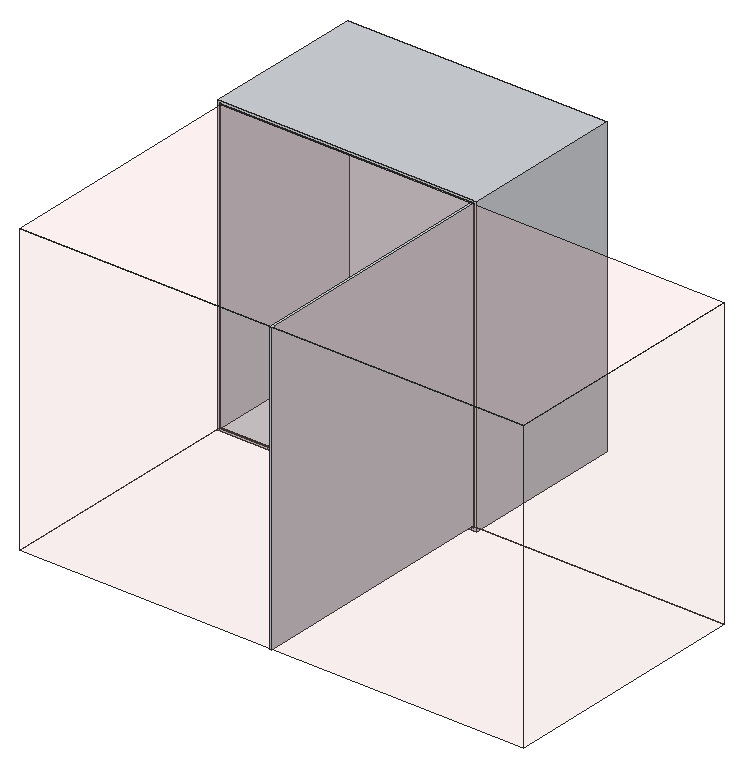
Revit family "Hager-PEDRO-Surface_mounted-IP66-With_Cover-With_DIN-NoHosted-IT-it", category Electrical Equipment, Revit 2023
Family settings
  Panel Configuration = Two Columns, Circuits Across
  Round Connector Dimension = Use Diameter
  Part Type = Panelboard
  Work Plane-Based = Yes
  Always vertical = Yes
  Cut with Voids When Loaded = No
  Maintain Annotation Orientation = No
  Shared = No
  Room Calculation Point = No
Parameters (values of type "PEDRO-Surface_mounted_W265_H303_D167_0_Modular_Spacing-B04601")
  Width Control [instance] = if([HG000006-Flush mounted-it], if([EF000846 - Larghezza di montaggio] > min_whd, [EF000846 - Larghezza di montaggio], min_whd), if([EF000008 - Larghezza] > min_whd, ([EF000008 - Larghezza]), min_whd))  # 265 mm
  Void Depth [instance] = if([EF000218 - Profondità di incasso] > 1 mm, [EF000218 - Profondità di incasso], 1 mm)  # 1 mm
  Uniformat code = "D501001"
  Uniformat = "Low Tension Service & Dist."
  Référence = ""
  HGEF0002950-Numero moduli DIN = 0
  HGEF000266-Numero di file = 0
  HG000131 - Functional label [instance] = ""
  HG000130 - Functional name [instance] = ""
  HG000099-Onfly Template ID-it-IT = "507532"
  HG000059-Operating voltage-it-IT [instance] = 230 V
  HG000017-Distance between poles-it = 18 mm
  HG000016-Door 3D visibility-it = yes
  HG000015-Clearance visibility-it = yes
  HG000014-Door on the right-it = yes
  HG000013-Door on the left-it = not([HG000014-Door on the right-it])  # no
  HG000012-Door swing angle-it = 90.00°
  HG000011-Empty rows from bottom-it = no
  HG000010-Asymmetric doors-it = no
  HG000009-Double swing door-it = no
  HG000008-Number of empty rows-it = 0
  HG000007-Number of empty columns-it = 0
  HG000006-Flush mounted-it = no
  HG000005-Thickness-it = 2 mm
  HG000004-Manufacturer reference-it = "B04601"
  HG000003-Range-it = "PEDRO"
  HG000002-with door or cover-it = yes
  HG000001 - Numero di colonne = 0
  ETIM class name = "Small distribution board"
  ETIM class code = "EC000214"
  EF015941 - Segnale di passaggio porta = no
  EF015777 - Morsettiera neutra = no
  EF015776 - Morsettiera di terra = no
  EF009212 - Esecuzione coperchio = "Chiuso"
  EF006306 - Con serratura = yes
  EF006244 - Coperchio/porta trasparente = no
  EF005474 - Grado di protezione (IP) = "IP66"
  EF004464 - Tipo di porta = ""
  EF004462 - Tipo di chiusura = "Altro"
  EF002950 - Numero moduli DIN = 0
  EF001596 - Materiale del corpo = ""
  EF001134 - Barra DIN = yes
  EF001131 - Profondità interna = 0 mm
  EF001088 - Possibilità di applicazione = yes
  EF001062 - Esecuzione EMC = yes
  EF000846 - Larghezza di montaggio = 0 mm
  EF000339 - Tipo di copertura = ""
  EF000332 - Altezza della parte incassata = 0 mm
  EF000266 - Numero di file = 0
  EF000218 - Profondità di incasso = 0 mm
  EF000118 - Con piastra di montaggio = no
  EF000116 - Numero RAL = 7035
  EF000049 - Profondità = 167 mm
  EF000040 - Altezza = 303 mm
  EF000024 - Resistente ai raggi UV = no
  EF000008 - Larghezza = 265 mm
  Type Comments = ""
  System Height [instance] = Height Control - 2 * [HG000005-Thickness-it]  # 299 mm
  Reference description = ""
  Reference = "Template-Enclosure_EU-EC000214"
  Panel Name [instance] = ""  # (empty or 0)
  Offset [instance] = 0 mm
  Object type = ""
  Name hager = "ADD_Enclosures_EC000214"
  Name BIM&CO = "Electricity"
  Name = ""
  Model = ""
  Level Offset [instance] = [Flush Mounted - Door Frame Width] + Offset  # 0 mm
  HG000060-RAL-number = "7035"
  GTIN (Global Trade Item Number) = ""
  EF000007 - Colore = "Grigio"
  EF000003 - Tipo di montaggio = "A parete"
  Description = ""
  Default Elevation = 1200 mm
  Creation Date = ""
  Code hager = "ADD-EC000214_EU"
  Code Uniformat = ""
  BIM&CO code = ""
  BC_METADATA = "{\"ObjectGuid\":\"712c051a-f6a5-42ba-8971-c6f35d6c2ee9\",\"ModelGuid\":\"f9864149-d723-4e03-9b42-689d61447cad\",\"VariantGuid\":\"83e1c283-c7cc-4c8f-adfe-bcd37362c99a\",\"Revision\":\"#6\",\"VariantName\":\"PEDRO-Surface_mounted_W265_H303_D167_0_Modular_Spacing-B04601\"}"
  Arrow Offset [instance] = Depth Control / 8  # 20.875 mm
  Arrow Height [instance] = Depth Control - Arrow Offset  # 146.125 mm
  Host Offset [instance] = if([HG000006-Flush mounted-it], 0 mm, [EF000049 - Profondità])  # 167 mm
  min_whd [instance] = (2 * [HG000005-Thickness-it]) + 1 mm  # 5 mm
  Manufacturer = "Hager"  # constant formula
  Height Control [instance] = if([HG000006-Flush mounted-it], if([EF000332 - Altezza della parte incassata] > min_whd, [EF000332 - Altezza della parte incassata], min_whd), if([EF000040 - Altezza] > min_whd, ([EF000040 - Altezza]), min_whd))  # 303 mm
  Flush Mounted - Door Frame Width [instance] = if(([EF000040 - Altezza] - [EF000332 - Altezza della parte incassata]) > 0 mm, if([HG000006-Flush mounted-it], [EF000040 - Altezza] - [EF000332 - Altezza della parte incassata], 0 mm), 0 mm)  # 0 mm
  Depth Control [instance] = if([HG000006-Flush mounted-it], if([EF000218 - Profondità di incasso] > 0 mm, [EF000218 - Profondità di incasso], 1 mm), if([EF000049 - Profondità] > 0 mm, ([EF000049 - Profondità]), 1 mm))  # 167 mm
Types (26, lengths in mm): name | Width Control | HGEF0002950-Numero moduli DIN | HGEF000266-Numero di file | HG000004-Manufacturer reference-it | HG000001 - Numero di colonne | EF006244 - Coperchio/porta trasparente | EF002950 - Numero moduli DIN | EF000266 - Numero di file | EF000049 - Profondità | EF000040 - Altezza | EF000008 - Larghezza | System Height | BC_METADATA | Arrow Offset | Arrow Height | Host Offset | Height Control | Depth Control
  PEDRO-Surface_mounted_W265_H303_D167_0_Modular_Spacing-B04601 | 265 | 0 | 0 | "B04601" | 0 | no | 0 | 0 | 167 | 303 | 265 | 299 | "{\"ObjectGuid\":\"712c051a-f6a5-42ba-8971-c6f35d6c2ee9\",\"ModelGuid\":\"f9864149-d723-4e03-9b42-689d61447cad\",\"VariantGuid\":\"83e1c283-c7cc-4c8f-adfe-bcd37362c99a\",\"Revision\":\"#6\",\"VariantName\":\"PEDRO-Surface_mounted_W265_H303_D167_0_Modular_Spacing-B04601\"}" | 20.875 | 146.125 | 167 | 303 | 167
  PEDRO-Surface_mounted_W325_H428_D178_12_Modular_Spacing-B04602 | 325 | 12 | 3 | "B04602" | 1 | no | 12 | 3 | 178 | 428 | 325 | 424 | "{\"ObjectGuid\":\"712c051a-f6a5-42ba-8971-c6f35d6c2ee9\",\"ModelGuid\":\"f9864149-d723-4e03-9b42-689d61447cad\",\"VariantGuid\":\"5e6dea64-c1f4-491c-8259-0979995b25e5\",\"Revision\":\"#6\",\"VariantName\":\"PEDRO-Surface_mounted_W325_H428_D178_12_Modular_Spacing-B04602\"}" | 22.25 | 155.75 | 178 | 428 | 178
  PEDRO-Surface_mounted_W433.5_H504_D210_18_Modular_Spacing-B04603 | 433.5 | 18 | 3 | "B04603" | 1 | no | 18 | 3 | 210 | 504 | 433.5 | 500 | "{\"ObjectGuid\":\"712c051a-f6a5-42ba-8971-c6f35d6c2ee9\",\"ModelGuid\":\"f9864149-d723-4e03-9b42-689d61447cad\",\"VariantGuid\":\"90c5386f-695a-4bef-bba7-171966b9a392\",\"Revision\":\"#6\",\"VariantName\":\"PEDRO-Surface_mounted_W433.5_H504_D210_18_Modular_Spacing-B04603\"}" | 26.25 | 183.75 | 210 | 504 | 210
  PEDRO-Surface_mounted_W433.5_H654_D210_18_Modular_Spacing-B04604 | 433.5 | 18 | 4 | "B04604" | 1 | no | 18 | 4 | 210 | 654 | 433.5 | 650 | "{\"ObjectGuid\":\"712c051a-f6a5-42ba-8971-c6f35d6c2ee9\",\"ModelGuid\":\"f9864149-d723-4e03-9b42-689d61447cad\",\"VariantGuid\":\"bd4542a3-c377-4a03-a8b2-04f1ed40170a\",\"Revision\":\"#6\",\"VariantName\":\"PEDRO-Surface_mounted_W433.5_H654_D210_18_Modular_Spacing-B04604\"}" | 26.25 | 183.75 | 210 | 654 | 210
  PEDRO-Surface_mounted_W543_H654_D265_24_Modular_Spacing-B04605 | 543 | 24 | 4 | "B04605" | 1 | no | 24 | 4 | 265 | 654 | 543 | 650 | "{\"ObjectGuid\":\"712c051a-f6a5-42ba-8971-c6f35d6c2ee9\",\"ModelGuid\":\"f9864149-d723-4e03-9b42-689d61447cad\",\"VariantGuid\":\"9e8eceff-b8b6-4340-8496-66e8dd6d7c78\",\"Revision\":\"#6\",\"VariantName\":\"PEDRO-Surface_mounted_W543_H654_D265_24_Modular_Spacing-B04605\"}" | 33.125 | 231.875 | 265 | 654 | 265
  PEDRO-Surface_mounted_W615.4_H806_D318.7_28_Modular_Spacing-B04606 | 615.4 | 28 | 5 | "B04606" | 1 | no | 28 | 5 | 318.7 | 806 | 615.4 | 802 | "{\"ObjectGuid\":\"712c051a-f6a5-42ba-8971-c6f35d6c2ee9\",\"ModelGuid\":\"f9864149-d723-4e03-9b42-689d61447cad\",\"VariantGuid\":\"0de67e4e-3713-413f-bf4a-b1da15a99b19\",\"Revision\":\"#6\",\"VariantName\":\"PEDRO-Surface_mounted_W615.4_H806_D318.7_28_Modular_Spacing-B04606\"}" | 39.837 | 278.862 | 318.7 | 806 | 318.7
  PEDRO-Surface_mounted_W810_H1056_D355_38_Modular_Spacing-B04608 | 810 | 38 | 5 | "B04608" | 1 | no | 38 | 5 | 355 | 1056 | 810 | 1052 | "{\"ObjectGuid\":\"712c051a-f6a5-42ba-8971-c6f35d6c2ee9\",\"ModelGuid\":\"f9864149-d723-4e03-9b42-689d61447cad\",\"VariantGuid\":\"d5d3cacc-da2b-44ad-87fb-499da4fe861c\",\"Revision\":\"#6\",\"VariantName\":\"PEDRO-Surface_mounted_W810_H1056_D355_38_Modular_Spacing-B04608\"}" | 44.375 | 310.625 | 355 | 1056 | 355
  PEDRO-Surface_mounted_W265_H303_D167_0_Modular_Spacing-B04621 | 265 | 0 | 0 | "B04621" | 0 | yes | 0 | 0 | 167 | 303 | 265 | 299 | "{\"ObjectGuid\":\"712c051a-f6a5-42ba-8971-c6f35d6c2ee9\",\"ModelGuid\":\"f9864149-d723-4e03-9b42-689d61447cad\",\"VariantGuid\":\"6485a578-a258-471d-afc4-453fd7a044a0\",\"Revision\":\"#6\",\"VariantName\":\"PEDRO-Surface_mounted_W265_H303_D167_0_Modular_Spacing-B04621\"}" | 20.875 | 146.125 | 167 | 303 | 167
  PEDRO-Surface_mounted_W325_H428_D183_12_Modular_Spacing-B04622 | 325 | 12 | 3 | "B04622" | 1 | yes | 12 | 3 | 183 | 428 | 325 | 424 | "{\"ObjectGuid\":\"712c051a-f6a5-42ba-8971-c6f35d6c2ee9\",\"ModelGuid\":\"f9864149-d723-4e03-9b42-689d61447cad\",\"VariantGuid\":\"f4cc03e8-5788-4a50-b014-92ac4e830229\",\"Revision\":\"#6\",\"VariantName\":\"PEDRO-Surface_mounted_W325_H428_D183_12_Modular_Spacing-B04622\"}" | 22.875 | 160.125 | 183 | 428 | 183
  PEDRO-Surface_mounted_W434_H504_D210_18_Modular_Spacing-B04623 | 434 | 18 | 3 | "B04623" | 1 | yes | 18 | 3 | 210 | 504 | 434 | 500 | "{\"ObjectGuid\":\"712c051a-f6a5-42ba-8971-c6f35d6c2ee9\",\"ModelGuid\":\"f9864149-d723-4e03-9b42-689d61447cad\",\"VariantGuid\":\"3269d936-6ee5-4c32-9a7e-7dfc4a4c7b15\",\"Revision\":\"#6\",\"VariantName\":\"PEDRO-Surface_mounted_W434_H504_D210_18_Modular_Spacing-B04623\"}" | 26.25 | 183.75 | 210 | 504 | 210
  PEDRO-Surface_mounted_W434_H654_D210_18_Modular_Spacing-B04624 | 434 | 18 | 4 | "B04624" | 1 | yes | 18 | 4 | 210 | 654 | 434 | 650 | "{\"ObjectGuid\":\"712c051a-f6a5-42ba-8971-c6f35d6c2ee9\",\"ModelGuid\":\"f9864149-d723-4e03-9b42-689d61447cad\",\"VariantGuid\":\"5db9bc35-a5ae-4cd9-a359-3bd38e1c99b3\",\"Revision\":\"#6\",\"VariantName\":\"PEDRO-Surface_mounted_W434_H654_D210_18_Modular_Spacing-B04624\"}" | 26.25 | 183.75 | 210 | 654 | 210
  PEDRO-Surface_mounted_W543_H654_D265_24_Modular_Spacing-B04625 | 543 | 24 | 4 | "B04625" | 1 | yes | 24 | 4 | 265 | 654 | 543 | 650 | "{\"ObjectGuid\":\"712c051a-f6a5-42ba-8971-c6f35d6c2ee9\",\"ModelGuid\":\"f9864149-d723-4e03-9b42-689d61447cad\",\"VariantGuid\":\"3d92ce08-3b62-42e5-bbdf-84b2c4f34e4e\",\"Revision\":\"#6\",\"VariantName\":\"PEDRO-Surface_mounted_W543_H654_D265_24_Modular_Spacing-B04625\"}" | 33.125 | 231.875 | 265 | 654 | 265
  PEDRO-Surface_mounted_W616_H806_D319_28_Modular_Spacing-B04626 | 616 | 28 | 5 | "B04626" | 1 | yes | 28 | 5 | 319 | 806 | 616 | 802 | "{\"ObjectGuid\":\"712c051a-f6a5-42ba-8971-c6f35d6c2ee9\",\"ModelGuid\":\"f9864149-d723-4e03-9b42-689d61447cad\",\"VariantGuid\":\"4088d2d8-4f38-4d24-ab03-d1aaa88ef20d\",\"Revision\":\"#6\",\"VariantName\":\"PEDRO-Surface_mounted_W616_H806_D319_28_Modular_Spacing-B04626\"}" | 39.875 | 279.125 | 319 | 806 | 319
  PEDRO-Surface_mounted_W810_H1056_D355_38_Modular_Spacing-B04628 | 810 | 38 | 5 | "B04628" | 1 | yes | 38 | 5 | 355 | 1056 | 810 | 1052 | "{\"ObjectGuid\":\"712c051a-f6a5-42ba-8971-c6f35d6c2ee9\",\"ModelGuid\":\"f9864149-d723-4e03-9b42-689d61447cad\",\"VariantGuid\":\"39e0b71c-3581-4bf3-97ac-8f3fca45593a\",\"Revision\":\"#6\",\"VariantName\":\"PEDRO-Surface_mounted_W810_H1056_D355_38_Modular_Spacing-B04628\"}" | 44.375 | 310.625 | 355 | 1056 | 355
  PEDRO-Surface_mounted_W325_H428_D183_12_Modular_Spacing-B04712 | 325 | 12 | 3 | "B04712" | 1 | no | 12 | 3 | 183 | 428 | 325 | 424 | "{\"ObjectGuid\":\"712c051a-f6a5-42ba-8971-c6f35d6c2ee9\",\"ModelGuid\":\"f9864149-d723-4e03-9b42-689d61447cad\",\"VariantGuid\":\"b67c811a-b318-4c09-be37-653ad378c423\",\"Revision\":\"#6\",\"VariantName\":\"PEDRO-Surface_mounted_W325_H428_D183_12_Modular_Spacing-B04712\"}" | 22.875 | 160.125 | 183 | 428 | 183
  PEDRO-Surface_mounted_W434_H504_D210_18_Modular_Spacing-B04713 | 434 | 18 | 3 | "B04713" | 0 | no | 18 | 3 | 210 | 504 | 434 | 500 | "{\"ObjectGuid\":\"712c051a-f6a5-42ba-8971-c6f35d6c2ee9\",\"ModelGuid\":\"f9864149-d723-4e03-9b42-689d61447cad\",\"VariantGuid\":\"52a7278d-0b82-4942-b5f9-d7a94ad146e9\",\"Revision\":\"#6\",\"VariantName\":\"PEDRO-Surface_mounted_W434_H504_D210_18_Modular_Spacing-B04713\"}" | 26.25 | 183.75 | 210 | 504 | 210
  PEDRO-Surface_mounted_W434_H650_D210_18_Modular_Spacing-B04714 | 434 | 18 | 4 | "B04714" | 0 | no | 18 | 4 | 210 | 650 | 434 | 646 | "{\"ObjectGuid\":\"712c051a-f6a5-42ba-8971-c6f35d6c2ee9\",\"ModelGuid\":\"f9864149-d723-4e03-9b42-689d61447cad\",\"VariantGuid\":\"734289a9-2675-4ff8-9a43-7696deae559b\",\"Revision\":\"#6\",\"VariantName\":\"PEDRO-Surface_mounted_W434_H650_D210_18_Modular_Spacing-B04714\"}" | 26.25 | 183.75 | 210 | 650 | 210
  PEDRO-Surface_mounted_W543_H654_D265_24_Modular_Spacing-B04715 | 543 | 24 | 4 | "B04715" | 0 | no | 24 | 4 | 265 | 654 | 543 | 650 | "{\"ObjectGuid\":\"712c051a-f6a5-42ba-8971-c6f35d6c2ee9\",\"ModelGuid\":\"f9864149-d723-4e03-9b42-689d61447cad\",\"VariantGuid\":\"e5e7792e-bb49-4e84-99fb-72b7b6e85006\",\"Revision\":\"#6\",\"VariantName\":\"PEDRO-Surface_mounted_W543_H654_D265_24_Modular_Spacing-B04715\"}" | 33.125 | 231.875 | 265 | 654 | 265
  PEDRO-Surface_mounted_W616_H806_D319_28_Modular_Spacing-B04716 | 616 | 28 | 5 | "B04716" | 0 | no | 28 | 5 | 319 | 806 | 616 | 802 | "{\"ObjectGuid\":\"712c051a-f6a5-42ba-8971-c6f35d6c2ee9\",\"ModelGuid\":\"f9864149-d723-4e03-9b42-689d61447cad\",\"VariantGuid\":\"c1d8f227-a4c1-40c5-a27d-934802c3a74f\",\"Revision\":\"#6\",\"VariantName\":\"PEDRO-Surface_mounted_W616_H806_D319_28_Modular_Spacing-B04716\"}" | 39.875 | 279.125 | 319 | 806 | 319
  PEDRO-Surface_mounted_W810_H1056_D355_38_Modular_Spacing-B04717 | 810 | 38 | 5 | "B04717" | 0 | no | 38 | 5 | 355 | 1056 | 810 | 1052 | "{\"ObjectGuid\":\"712c051a-f6a5-42ba-8971-c6f35d6c2ee9\",\"ModelGuid\":\"f9864149-d723-4e03-9b42-689d61447cad\",\"VariantGuid\":\"6fa415ec-c034-459e-a9f3-d986c31e19ba\",\"Revision\":\"#6\",\"VariantName\":\"PEDRO-Surface_mounted_W810_H1056_D355_38_Modular_Spacing-B04717\"}" | 44.375 | 310.625 | 355 | 1056 | 355
  PEDRO-Surface_mounted_W325_H428_D183_12_Modular_Spacing-B04722 | 325 | 12 | 3 | "B04722" | 1 | yes | 12 | 3 | 183 | 428 | 325 | 424 | "{\"ObjectGuid\":\"712c051a-f6a5-42ba-8971-c6f35d6c2ee9\",\"ModelGuid\":\"f9864149-d723-4e03-9b42-689d61447cad\",\"VariantGuid\":\"a79e5a93-9976-4cf4-8b57-a08a7f80257f\",\"Revision\":\"#6\",\"VariantName\":\"PEDRO-Surface_mounted_W325_H428_D183_12_Modular_Spacing-B04722\"}" | 22.875 | 160.125 | 183 | 428 | 183
  PEDRO-Surface_mounted_W434_H504_D210_18_Modular_Spacing-B04723 | 434 | 18 | 3 | "B04723" | 0 | yes | 18 | 3 | 210 | 504 | 434 | 500 | "{\"ObjectGuid\":\"712c051a-f6a5-42ba-8971-c6f35d6c2ee9\",\"ModelGuid\":\"f9864149-d723-4e03-9b42-689d61447cad\",\"VariantGuid\":\"e7e18a2f-7f0a-4c22-8c83-fb895b2decf8\",\"Revision\":\"#6\",\"VariantName\":\"PEDRO-Surface_mounted_W434_H504_D210_18_Modular_Spacing-B04723\"}" | 26.25 | 183.75 | 210 | 504 | 210
  PEDRO-Surface_mounted_W434_H654_D210_18_Modular_Spacing-B04724 | 434 | 18 | 4 | "B04724" | 0 | yes | 18 | 4 | 210 | 654 | 434 | 650 | "{\"ObjectGuid\":\"712c051a-f6a5-42ba-8971-c6f35d6c2ee9\",\"ModelGuid\":\"f9864149-d723-4e03-9b42-689d61447cad\",\"VariantGuid\":\"bff4ae68-42ff-4f9c-8c7d-ac243393b91b\",\"Revision\":\"#6\",\"VariantName\":\"PEDRO-Surface_mounted_W434_H654_D210_18_Modular_Spacing-B04724\"}" | 26.25 | 183.75 | 210 | 654 | 210
  PEDRO-Surface_mounted_W543_H654_D265_24_Modular_Spacing-B04725 | 543 | 24 | 4 | "B04725" | 0 | yes | 24 | 4 | 265 | 654 | 543 | 650 | "{\"ObjectGuid\":\"712c051a-f6a5-42ba-8971-c6f35d6c2ee9\",\"ModelGuid\":\"f9864149-d723-4e03-9b42-689d61447cad\",\"VariantGuid\":\"48b5e2a0-a50c-4e54-865a-8d5780a424f1\",\"Revision\":\"#6\",\"VariantName\":\"PEDRO-Surface_mounted_W543_H654_D265_24_Modular_Spacing-B04725\"}" | 33.125 | 231.875 | 265 | 654 | 265
  PEDRO-Surface_mounted_W616_H806_D319_28_Modular_Spacing-B04726 | 616 | 28 | 5 | "B04726" | 0 | yes | 28 | 5 | 319 | 806 | 616 | 802 | "{\"ObjectGuid\":\"712c051a-f6a5-42ba-8971-c6f35d6c2ee9\",\"ModelGuid\":\"f9864149-d723-4e03-9b42-689d61447cad\",\"VariantGuid\":\"d27e814a-4c42-4bf2-85d1-99ada70bbcec\",\"Revision\":\"#6\",\"VariantName\":\"PEDRO-Surface_mounted_W616_H806_D319_28_Modular_Spacing-B04726\"}" | 39.875 | 279.125 | 319 | 806 | 319
  PEDRO-Surface_mounted_W810_H1056_D355_38_Modular_Spacing-B04727 | 810 | 38 | 5 | "B04727" | 0 | yes | 38 | 5 | 355 | 1056 | 810 | 1052 | "{\"ObjectGuid\":\"712c051a-f6a5-42ba-8971-c6f35d6c2ee9\",\"ModelGuid\":\"f9864149-d723-4e03-9b42-689d61447cad\",\"VariantGuid\":\"3fda5a05-6260-466f-9934-a724d2a1f99a\",\"Revision\":\"#6\",\"VariantName\":\"PEDRO-Surface_mounted_W810_H1056_D355_38_Modular_Spacing-B04727\"}" | 44.375 | 310.625 | 355 | 1056 | 355
Reference planes
  plane 1 "Center (Front/Back)": y = 0
  plane 2: z = 0
  plane 3 "Center (Left/Right)": x = 0
  plane 4: y = 2
  plane 5: y = 0
  plane 6: y = 0
  plane 7: z = 0
  plane 8: x = -132.5
  plane 9: x = 132.5
  plane 10: x = 130.5
  plane 11: x = -130.5
  plane 12: z = 0
  plane 13: z = 2
  plane 14: y = -162
  plane 15: y = -167
  plane 16: y = -2
  plane 17: z = 301
  plane 18: z = 303
  plane 19: z = 151.5
  plane 20: x = 0
  plane 21: y = -100
  plane 22 "Annotation H": y = -300
  plane 23 "Annotation V": x = 332.5
Forms (mm)
  Extrusion 1, solid
    sketch origin (-208.679, -4572, 0) x (-1, 0, 0) y (0, -1, 0)
      loop
        line (-76.179, -4405) -> (-341.179, -4405) -> (-341.179, -4572) -> (-76.179, -4572) -> (-76.179, -4405)
    from 0 to 303 <- "Height Control"
  Extrusion 2, void
    sketch origin (-350.771, -167, 1219.2) x (1, 0, 0) y (0, 0, 1)
      loop
        line (220.271, -918.2) -> (220.271, -1217.2) -> (481.271, -1217.2) -> (481.271, -918.2) -> (220.271, -918.2)
    from 0 to -165
  Extrusion 3, solid, detail levels coarse+medium
    sketch origin (-350.771, -167, 1219.2) x (-1, 0, 0) y (0, 0, 1)
      loop
        line (-220.271, -918.2) -> (-481.271, -918.2) -> (-481.271, -1217.2) -> (-220.271, -1217.2) -> (-220.271, -918.2)
    from 0 to 2 <- "HG000005-Thickness-it"
Cuts and joins
  Extrusion 2 cuts Extrusion 1
Dimensions and locks
  "Flush Mounted - Door Frame Width": plane 1 "Center (Front/Back)" to plane 6
  "HG000005-Thickness-it": plane 4 to plane 6
  "HG000005-Thickness-it": plane 8 to plane 11
  "HG000005-Thickness-it": plane 9 to plane 10
  equal spacing: plane 8, plane 3 "Center (Left/Right)", plane 9
  "Width Control": plane 8 to plane 9
  locked: plane 14 to plane 15 at 5
  "Host Offset": plane 1 "Center (Front/Back)" to plane 15
  "Depth Control": plane 5 to plane 15
  "HG000005-Thickness-it": plane 5 to plane 16
  "HG000005-Thickness-it": plane 13 to plane 12
  "Level Offset": plane 12 to level
  "HG000005-Thickness-it": plane 18 to plane 17
  "Height Control": plane 18 to plane 12
  "Arrow Offset": plane 5 to nested 4
  equal spacing: plane 18, plane 19, plane 12
  locked: connector elem to plane 19
  locked: connector elem to plane 3 "Center (Left/Right)"
  Extrusion 2 sketch curve to Extrusion 2 sketch curve to plane 9 = 261 mm, 2 mm
  locked: plane 9 to plane 23 "Annotation V" at 200
  locked: plane 22 "Annotation H" to plane 1 "Center (Front/Back)" at 300
  aligned and locked: nested 1 to plane 14
  aligned and locked: plane 3 "Center (Left/Right)" to nested 1
  aligned and locked: plane 3 "Center (Left/Right)" to nested 2
  aligned and locked: nested 2 to plane 15
  aligned and locked: plane 5 to Extrusion 1
  aligned and locked: Extrusion 3 sketch curve to plane 17
  aligned and locked: Extrusion 3 sketch curve to plane 11
  aligned and locked: plane 13 to Extrusion 3 sketch curve
  aligned and locked: Extrusion 3 sketch curve to plane 10
  aligned and locked: plane 13 to Extrusion 2 sketch curve
  aligned and locked: Extrusion 2 sketch curve to plane 17
  aligned and locked: plane 16 to Extrusion 2
  aligned and locked: plane 5 to Extrusion 1 sketch curve
  aligned and locked: plane 9 to Extrusion 1 sketch curve
  aligned and locked: plane 8 to Extrusion 1 sketch curve
  aligned and locked: plane 8 to nested 4
  aligned and locked: plane 8 to nested 3
  aligned and locked: nested 3 to plane 5
  aligned and locked: Extrusion 1 sketch curve to plane 15
  aligned and locked: Extrusion 2 to plane 15
  aligned and locked: nested 5 to plane 22 "Annotation H"
  aligned and locked: plane 23 "Annotation V" to nested 5
  aligned and locked: plane 11 to Extrusion 2
  aligned and locked: plane 10 to Extrusion 2
Nested families
  nested 1: "Hager_Enclosure_System" at (0, -162, 2), Height <- "System Height", Width_Control <- "Width Control", Built-in_Width <- "EF000846 - Larghezza di montaggio", Width <- "EF000008 - Larghezza", Depth <- "HG000005-Thickness-it", Border <- "HG000005-Thickness-it", Distance_Between_Poles <- "HG000017-Distance between poles-it", Flush_Mounted <- "HG000006-Flush mounted-it", Empty_Columns <- "HG000007-Number of empty columns-it", Total_No_Empty_Rows <- "HG000008-Number of empty rows-it", Empty_Rows_From_Bottom <- "HG000011-Empty rows from bottom-it", Columns_Count <- "HG000001 - Numero di colonne", Rows_Count <- "HGEF000266-Numero di file", Row_Module_Multiplicator <- "HGEF0002950-Numero moduli DIN", type "Hager_Enclosure_System", detail levels medium+fine
    with Width_Control 265 mm, Width 265 mm, Total_No_Rows 0, Total_No_Empty_Rows 0, Total_No_Columns 1, System_Width 261 mm, Rows_Count 0, Rows_Column 0, Row_Module_Multiplicator 0, Panel_4 no, Panel_3 no, Panel_2 no, Panel_1 no, No_Panels_Ctrl 1, Hide_Columns yes, Height 299 mm, Flush_Mounted no, Empty_Rows_From_Bottom no, Empty_Rows_Column 0, Empty_Columns 0, Empty column 4 0, Empty column 3 0, Empty column 2 0, Empty column 1 0, Distance_Between_Poles 18 mm, Depth 2 mm, Columns_Count 0, Column_Width 261 mm, Built-in_Width 0 mm, Border 2 mm
  nested 2: "Hager_Enclosure_Door" at (0, -167, 0), Height_Ctrl <- "Height Control", Width_Ctrl <- "Width Control", BuiltIn_Depth <- "EF000218 - Profondità di incasso", Depth <- "EF000049 - Profondità", BuiltIn_Width <- "EF000846 - Larghezza di montaggio", Height <- "EF000040 - Altezza", BuiltIn_Height <- "EF000332 - Altezza della parte incassata", Width <- "EF000008 - Larghezza", Border <- "HG000005-Thickness-it", Door <- "HG000002-with door or cover-it", Flush_Mounted <- "HG000006-Flush mounted-it", Double <- "HG000009-Double swing door-it", Assymetrical <- "HG000010-Asymmetric doors-it", Angle <- "HG000012-Door swing angle-it", Door_Left <- "HG000013-Door on the left-it", Door_Right <- "HG000014-Door on the right-it", Clearance <- "HG000015-Clearance visibility-it", 3d_Door <- "HG000016-Door 3D visibility-it", Transparent <- "EF006244 - Coperchio/porta trasparente", type "Hager_Enclosure_Door", detail levels medium+fine
    with min_wh 5 mm, Width_Ctrl 265 mm, Width 265 mm, Transparent_Door_No_Bottom_Border no, Transparent no, Leaf_Width 258 mm, Leaf_Tolerance 1.5 mm, Leaf_Height 296 mm, Leaf_2_Width 258 mm, Leaf_2_Offset 129 mm, Leaf_1_Width 258 mm, Leaf_1_Offset 129 mm, Height_Ctrl 303 mm, Height 303 mm, Frame_Width_Ctrl 265 mm, Frame_Width 265 mm, Frame_Internal_Offset 0 mm, Frame_Height_Ctrl 303 mm, Frame_Height 303 mm, Frame_Depth_Ctrl 1 mm, Frame_Depth 0 mm, Flush_Mounted no, Double_Clearance_Ctrl no, Double no, Door_Right_Ctrl yes, Door_Right yes, Door_Left_Ctrl no, Door_Left no, Door yes, Depth 167 mm, Clearance_Depth 258 mm, Clearance_Ctrl yes, Clearance yes, BuiltIn_Width 0 mm, BuiltIn_Height 0 mm, BuiltIn_Depth 0 mm, Border 2 mm, Assymetrical no, Angle 90.00°, 3d_Door yes
  nested 3: "Hager_Enclosure_Symbol_Triangle" at (-132.5, 0, 0), Depth <- "Depth Control", Width <- "Width Control", type "Hager_Enclosure_Symbol_Triangle"
    with Width_Ctrl 265 mm, Width 265 mm, Depth_Ctrl 167 mm, Depth 167 mm
  nested 4: "Hager_Enclosure_Symbol_Arrow" at (-132.5, -20.875, 0), Height <- "Arrow Height", type "Hager_Enclosure_Symbol_Arrow"
    with Width_Inside 10.959 mm, Width 131.513 mm, Height_Ctrl 146.125 mm, Height 146.125 mm
  nested 5: "Hager_Annotation-HG000130" at (332.5, -300, 0), HG000130 - Functional name <- "HG000130 - Functional name", type "Hager_Annotation-HG000130"
    with HG000130 - Functional name ""
Connectors
  electrical at (0, 0, 151.5), driven by "HG000059-Operating voltage-it-IT"
    settings: on plane 5, index 1, voltage 230 V, apparent load 0 VA, apparent load phase1 0 VA, apparent load phase2 0 VA, apparent load phase3 0 VA, power factor 1, load classification "Other", number of poles 1, system type 30, power factor state 1, is connector primary yes, connector utility no, sub classification motor no, connector description ""
Definition of nested family "Hager_Enclosure_Door"
  Parameters (values of type "Hager_Enclosure_Door")
    min_wh [instance] = (2 * Border) + 1 mm  # 11 mm
    Width_Ctrl [instance] = 400 mm
    Width [instance] = 500 mm
    Transparent_Door_No_Bottom_Border [instance] = no
    Transparent [instance] = yes
    Leaf_Width [instance] = if((Width_Ctrl - 2 * Border - 2 * Leaf_Tolerance) > 0 mm, (Width_Ctrl - 2 * Border - 2 * Leaf_Tolerance), min_wh)  # 387 mm
    Leaf_Tolerance [instance] = 1.5 mm  # constant formula
    Leaf_Height [instance] = if((Height_Ctrl - 2 * Border - 2 * Leaf_Tolerance) > 0 mm, (Height_Ctrl - 2 * Border - 2 * Leaf_Tolerance), min_wh)  # 387 mm
    Leaf_2_Width [instance] = if(and(and(Double, Assymetrical), Door_Left), (Leaf_Width / 3) - (Leaf_Tolerance / 2), if(and(and(Double, Assymetrical), Door_Right), (Leaf_Width / 3) * 2 - (Leaf_Tolerance / 2), if(and(Double, not(Assymetrical)), (Leaf_Width / 2) - Leaf_Tolerance, Leaf_Width)))  # 387 mm
    Leaf_2_Offset [instance] = if(and(Double, Assymetrical), Leaf_2_Width / 2, if(and(Double, not(Assymetrical)), Leaf_Width / 4, Leaf_Width / 2))  # 193.5 mm
    Leaf_1_Width [instance] = if(and(and(Double, Assymetrical), Door_Right), (Leaf_Width / 3) - (Leaf_Tolerance / 2), if(and(and(Double, Assymetrical), Door_Left), (Width / 3) * 2 - (Leaf_Tolerance / 2), if(and(Double, not(Assymetrical)), (Leaf_Width / 2) - Leaf_Tolerance, Leaf_Width)))  # 387 mm
    Leaf_1_Offset [instance] = if(and(Double, Assymetrical), Leaf_1_Width / 2, if(and(Double, not(Assymetrical)), Leaf_Width / 4, Leaf_Width / 2))  # 193.5 mm
    Height_Ctrl [instance] = 400 mm
    Height [instance] = 500 mm
    Frame_Width_Ctrl [instance] = if(Frame_Width > 0 mm, Frame_Width, 1 mm)  # 1 mm
    Frame_Width [instance] = Width - BuiltIn_Width  # 0 mm
    Frame_Internal_Offset [instance] = if(Flush_Mounted, Border, 0 mm)  # 5 mm
    Frame_Height_Ctrl [instance] = if(Frame_Height > 0 mm, Frame_Height, 1 mm)  # 1 mm
    Frame_Height [instance] = Height - BuiltIn_Height  # 0 mm
    Frame_Depth_Ctrl [instance] = if(Frame_Depth > 0 mm, Frame_Depth, 1 mm)  # 1 mm
    Frame_Depth [instance] = if(Depth - BuiltIn_Depth > 0 mm, if(Flush_Mounted, Depth - BuiltIn_Depth, 0 mm), 0 mm)  # 0 mm
    Flush_Mounted [instance] = yes
    Double_Clearance_Ctrl [instance] = and(Double, Clearance)  # no
    Double [instance] = no
    Door_Right_Ctrl [instance] = and(or(Door_Right, Double), Door)  # yes
    Door_Right [instance] = yes
    Door_Left_Ctrl [instance] = and(or(Door_Left, Double), Door)  # no
    Door_Left [instance] = no
    Door [instance] = yes
    Depth [instance] = 500 mm
    Default Elevation = 1219.2 mm
    Clearance_Material = none
    Clearance_Depth [instance] = if(Leaf_1_Width > Leaf_2_Width, Leaf_1_Width, Leaf_2_Width)  # 387 mm
    Clearance_Ctrl [instance] = and(not(Double), Clearance)  # yes
    Clearance [instance] = yes
    BuiltIn_Width [instance] = 500 mm
    BuiltIn_Height [instance] = 500 mm
    BuiltIn_Depth [instance] = 500 mm
    Border [instance] = 5 mm
    Assymetrical [instance] = yes
    Angle [instance] = 30.00°
    3d_Door [instance] = yes
  Reference planes
    plane 1 "Center (Front/Back)": y = 0
    plane 2 "Bottom": z = 0
    plane 3 "Center (Left/Right)": x = 0
    plane 4: z = 400
    plane 5: x = -200
    plane 6: x = 200
    plane 7: z = 395
    plane 8: x = -195
    plane 9: z = 5
    plane 10: x = 195
    plane 11: y = 0
    plane 12: z = 6.5
    plane 13: x = -582
    plane 14: y = -387
    plane 15: x = 582
    plane 16: x = 0
    plane 17: x = 0
    plane 18: x = -193.5
    plane 19: x = 193.5
    plane 20: z = 393.5
  Forms (mm)
    Extrusion 1, solid, visible <- "Flush_Mounted"
      sketch origin (0, 0, 0) x (1, 0, 0) y (0, 0, 1)
        loop
          line (195, 5) -> (195, 395) -> (-195, 395) -> (-195, 5) -> (195, 5)
        loop
          line (-201, 401) -> (-201, -1) -> (201, -1) -> (201, 401) -> (-201, 401)
      from 0 to 1 <- "Frame_Depth_Ctrl"
    Extrusion 2, solid, material <- "Clearance_Material", visible <- "Double_Clearance_Ctrl"
      sketch origin (1200, 0, 0) x (1, 0, 0) y (0, 0, -1)
        loop
          line (-1782, -393.5) -> (-618, -393.5) -> (-618, 0) -> (-1782, 0) -> (-1782, -393.5)
      from 0 to -387
  Dimensions and locks
    equal spacing: plane 5, plane 3 "Center (Left/Right)", plane 6
    "Width_Ctrl": plane 5 to plane 6
    "Border": plane 5 to plane 8
    "Border": plane 6 to plane 10
    "Border": plane 9 to level
    "Border": plane 4 to plane 7
    "Height_Ctrl": plane 4 to level
    "Leaf_Tolerance": plane 12 to plane 9
    "Frame_Depth": plane 11 to plane 1 "Center (Front/Back)"
    "Frame_Width_Ctrl": plane 5 to Extrusion 1 sketch curve
    "Frame_Width_Ctrl": plane 6 to Extrusion 1 sketch curve
    "Frame_Width_Ctrl": Extrusion 1 sketch curve to plane 4
    "Frame_Width_Ctrl": plane 2 "Bottom" to Extrusion 1 sketch curve
    "Leaf_1_Offset": plane 18 to plane 16
    "Leaf_2_Offset": plane 17 to plane 19
    "Leaf_1_Width": plane 13 to plane 8
    "Leaf_2_Width": plane 10 to plane 15
    "Clearance_Depth": plane 14 to plane 1 "Center (Front/Back)"
    "Leaf_Tolerance": plane 8 to plane 18
    "Leaf_Tolerance": plane 19 to plane 10
    "Leaf_Tolerance": plane 7 to plane 20
    "Frame_Internal_Offset": plane 5 to Extrusion 1 sketch curve
    "Frame_Internal_Offset": Extrusion 1 sketch curve to plane 2 "Bottom"
    "Frame_Internal_Offset": plane 6 to Extrusion 1 sketch curve
    "Frame_Internal_Offset": plane 4 to Extrusion 1 sketch curve
    aligned and locked: level to plane 2 "Bottom"
    aligned and locked: nested 1 to plane 16
    aligned and locked: nested 2 to plane 17
    aligned and locked: Extrusion 2 to plane 13
    aligned and locked: plane 15 to Extrusion 2
    aligned and locked: Extrusion 2 to plane 14
    aligned and locked: plane 12 to nested 1
    aligned and locked: nested 2 to plane 12
    aligned and locked: Extrusion 2 to plane 11
    aligned and locked: plane 20 to Extrusion 2
    aligned and locked: nested 2 to plane 11
    aligned and locked: nested 1 to plane 11
  Automatic sketch dimensions
    Extrusion 2 sketch curve to level = 0 mm
    plane 5 to Extrusion 2 sketch curve = 382 mm
    plane 6 to Extrusion 2 sketch curve = 382 mm
    Extrusion 2 sketch curve to plane 4 = 6.5 mm
  Nested families
    nested 1: "Hager_Enclosure_Door_Leaf" at (0, 0, 6.5), Width <- "Leaf_1_Width", visible <- "Door_Left_Ctrl", Leaf_Height <- "Leaf_Height", Angle <- "Angle", Depth <- "Border", 3d_Door <- "3d_Door", Transparent <- "Transparent", Clearance Material <- "Clearance_Material", Clearance <- "Clearance_Ctrl", Transparent_Door_No_Bottom_Border <- "Transparent_Door_No_Bottom_Border", type "Hager_Enclosure_Door_Leaf"
      with Width 387 mm, Transparent_Door_No_Bottom_Border no, Transparent_Door_Border_Bottom_Top 25 mm, Transparent_Door_Border 25 mm, Transparent_Ctrl yes, Transparent yes, Standard no, Leaf_Height 387 mm, Glass_Offset 1 mm, Depth 5 mm, Clearance Material none, Clearance yes, Angle_Ctrl 30.00°, Angle 30.00°, 3d_Door yes
    nested 2: "Hager_Enclosure_Door_Leaf" at (0, 0, 6.5) x (-1, 0, 0) z (0, 0, 1), Width <- "Leaf_2_Width", visible <- "Door_Right_Ctrl", Leaf_Height <- "Leaf_Height", Angle <- "Angle", Depth <- "Border", 3d_Door <- "3d_Door", Transparent <- "Transparent", Clearance Material <- "Clearance_Material", Clearance <- "Clearance_Ctrl", Transparent_Door_No_Bottom_Border <- "Transparent_Door_No_Bottom_Border", type "Hager_Enclosure_Door_Leaf"
      with Width 387 mm, Transparent_Door_No_Bottom_Border no, Transparent_Door_Border_Bottom_Top 25 mm, Transparent_Door_Border 25 mm, Transparent_Ctrl yes, Transparent yes, Standard no, Leaf_Height 387 mm, Glass_Offset 1 mm, Depth 5 mm, Clearance Material none, Clearance yes, Angle_Ctrl 30.00°, Angle 30.00°, 3d_Door yes
  Definition of nested family "Hager_Enclosure_Door_Leaf"
    Parameters (values of type "Hager_Enclosure_Door_Leaf")
      Width [instance] = 2000 mm
      Transparent_Door_No_Bottom_Border [instance] = yes
      Transparent_Door_Border_Bottom_Top [instance] = if(Transparent_Door_No_Bottom_Border, 0.1 mm, Transparent_Door_Border)  # 0.1 mm
      Transparent_Door_Border [instance] = if(Transparent_Door_No_Bottom_Border, (Width * 0.12), 25 mm)  # 240 mm
      Transparent_Ctrl [instance] = and(Transparent, [3d_Door])  # yes
      Transparent [instance] = yes
      Standard [instance] = and(not(Transparent), [3d_Door])  # no
      Leaf_Height [instance] = 2720.336 mm
      Glass_Offset [instance] = if((Depth - 10 mm) / 2 > 0 mm, (Depth - 10 mm) / 2, 1 mm)  # 15 mm
      Glass_Material = none
      Depth [instance] = 40 mm
      Default Elevation = 0 mm
      Clearance Material [instance] = none
      Clearance [instance] = yes
      Angle_Ctrl [instance] = if(Angle > 170.00°, 170.00°, Angle)  # 45.00°
      Angle [instance] = 45.00°
      3d_Door [instance] = yes
    Reference planes
      plane 1 "Center (Front/Back)": y = 0
      plane 2: z = 0
      plane 3 "Center (Left/Right)": x = 0
      plane 4: y = 2000
      plane 5: x = -1000
      plane 6: x = 1000
      plane 7: x = -3000
      plane 8: z = 2720.336
      plane 9: z = 0.1
      plane 10: z = 2720.236
      plane 11: x = 760
      plane 12: x = -760
    Forms (mm)
      Extrusion 1, solid, material <- "Clearance Material", visible <- "Clearance"
        sketch origin (0, 0, 0) x (1, 0, 0) y (0, 0, 1)
          loop
            line (-3000, 2720.336) -> (-3000, 0) -> (1000, 0) -> (1000, 2720.336) -> (-3000, 2720.336)
        from 0 to -2000
      Extrusion 2, solid, visible <- "Standard", detail levels medium+fine
        sketch origin (-1000, 0, 0) x (0.707107, 0.707107, 0) y (-0.707107, 0.707107, 0)
          loop
            line (0, -40) -> (2000, -40) -> (2000, 0) -> (0, 0) -> (0, -40)
        from 0 to 2720.336 <- "Leaf_Height"
      Extrusion 3, solid, visible <- "Transparent_Ctrl", detail levels medium+fine
        sketch origin (-1000, 0, 0) x (0.707107, 0.707107, 0) y (-0.707107, 0.707107, 0)
          loop
            line (0, -40) -> (2000, -40) -> (2000, 0) -> (0, 0) -> (0, -40)
        from 0 to 2720.336 <- "Leaf_Height"
      Extrusion 4, void, detail levels medium+fine
        sketch origin (-1000, 0, 0) x (-0.707107, 0.707107, 0) y (0.707107, 0.707107, 0)
          loop
            line (0, 240) -> (0, 1760) -> (-40, 1760) -> (-40, 240) -> (0, 240)
        from -2720.236 to -0.1
      Extrusion 5, solid, material <- "Glass_Material", visible <- "Transparent_Ctrl", detail levels medium+fine
        sketch origin (-1000, 0, 0) x (0.707107, 0.707107, 0) y (-0.707107, 0.707107, 0)
          loop
            line (240, -15) -> (240, -25) -> (1760, -25) -> (1760, -15) -> (240, -15)
        from 0.1 to 2720.236
    Cuts and joins
      Extrusion 4 cuts Extrusion 3
    Lines and regions (mm)
      symbolic lines
        curve 1: line (1000, 0, 0) -> (-3000, 0, 0)
        curve 2: arc (1000, 0, 0) -> (-1000, 2000, 0) -> (-3000, 0, 0) r 2000
        curve 4: line (-1000, 0, 0) -> (414.214, 1414.214, 0)
      reference lines
        curve 3: line (-1000, 0, 0) -> (414.214, 1414.214, 0)
      symbolic lines, detail levels medium+fine
        curve 5: line (414.214, 1414.214, 0) -> (442.498, 1385.929, 0)
        curve 6: line (442.498, 1385.929, 0) -> (-971.716, -28.284, 0)
        curve 7: line (-971.716, -28.284, 0) -> (-1000, 0, 0)
        curve 8: line (-1000, 0, 2720.336) -> (1000, 0, 2720.336)
        curve 9: line (-1000, 0, 0) -> (-1000, 0, 2720.336)
        curve 10: line (1000, 0, 0) -> (-1000, 0, 0)
        curve 11: line (1000, 0, 2720.336) -> (1000, 0, 0)
      symbolic lines, visible <- "Transparent_Ctrl", detail levels medium+fine
        curve 12: line (-760, 0, 2720.236) -> (760, 0, 2720.236)
        curve 13: line (-760, 0, 0.1) -> (-760, 0, 2720.236)
        curve 14: line (760, 0, 0.1) -> (-760, 0, 0.1)
        curve 15: line (760, 0, 2720.236) -> (760, 0, 0.1)
    Dimensions and locks
      "Width": plane 1 "Center (Front/Back)" to plane 4
      equal spacing: plane 5, plane 3 "Center (Left/Right)", plane 6
      "Width": plane 5 to plane 6
      "Width": plane 7 to plane 5
      "Leaf_Height": plane 8 to level
      "Depth": curve 6 to curve 3
      "Width": curve 5 to curve 3
      "Width": curve 3 to curve 3
      "Transparent_Door_Border": Extrusion 4 sketch curve to curve 7
      "Transparent_Door_Border": Extrusion 4 sketch curve to curve 5
      "Transparent_Door_Border_Bottom_Top": plane 8 to plane 10
      "Transparent_Door_Border_Bottom_Top": plane 9 to level
      "Glass_Offset": Extrusion 5 sketch curve to curve 4
      "Glass_Offset": Extrusion 5 sketch curve to curve 6
      "Transparent_Door_Border": Extrusion 5 sketch curve to curve 5
      "Transparent_Door_Border": Extrusion 5 sketch curve to curve 7
      "Transparent_Door_Border": plane 12 to plane 5
      "Transparent_Door_Border": plane 6 to plane 11
      "Angle_Ctrl": angle plane 1 "Center (Front/Back)" to curve 3
      aligned and locked: level to plane 2
      aligned and locked: Extrusion 1 to curve 1
      aligned and locked: plane 6 to Extrusion 1
      aligned and locked: Extrusion 1 to plane 1 "Center (Front/Back)"
      aligned and locked: plane 4 to Extrusion 1
      aligned and locked: plane 8 to Extrusion 1
      aligned and locked: curve 4 to curve 3
      aligned and locked: Extrusion 2 sketch curve to curve 7
      aligned and locked: Extrusion 2 sketch curve to curve 6
      aligned and locked: Extrusion 2 sketch curve to curve 5
      aligned and locked: Extrusion 2 sketch curve to curve 3
      aligned and locked: curve 7 to Extrusion 3 sketch curve
      aligned and locked: Extrusion 3 sketch curve to curve 4
      aligned and locked: Extrusion 3 sketch curve to curve 6
      aligned and locked: Extrusion 3 sketch curve to curve 5
      aligned and locked: curve 4 to Extrusion 4 sketch curve
      aligned and locked: curve 6 to Extrusion 4 sketch curve
      aligned and locked: Extrusion 4 to plane 9
      aligned and locked: Extrusion 4 to plane 10
      aligned and locked: Extrusion 5 to plane 9
      aligned and locked: Extrusion 5 to plane 10
      aligned and locked: curve 8 to plane 8
      aligned and locked: plane 5 to curve 9
      aligned and locked: plane 2 to curve 10
      aligned and locked: curve 11 to plane 6
      aligned and locked: plane 10 to curve 12
      aligned and locked: plane 12 to curve 13
      aligned and locked: curve 14 to plane 9
      aligned and locked: plane 11 to curve 15
    Automatic sketch dimensions
      plane 1 "Center (Front/Back)" to curve 2 = 0 mm
      curve 2 to plane 5 = 0 mm
      Extrusion 1 sketch curve to level = 0 mm
      Extrusion 1 sketch curve to plane 7 = 0 mm
      Extrusion 1 sketch curve to plane 6 = 0 mm
      Extrusion 1 sketch curve to plane 8 = 0 mm
      plane 1 "Center (Front/Back)" to curve 3 = 0 mm
      curve 3 to plane 5 = 0 mm
      curve 7 to curve 3 = 0 mm
Definition of nested family "Hager_Enclosure_Symbol_Triangle"
  Parameters (values of type "Hager_Enclosure_Symbol_Triangle")
    Width_Ctrl [instance] = if(Width > 1 mm, Width, 1 mm)  # 498 mm
    Width [instance] = 498 mm
    Depth_Ctrl [instance] = if(Depth > 1 mm, Depth, 1 mm)  # 72 mm
    Depth [instance] = 72 mm
  Reference planes
    plane 1 "Centre (avant/arrière)": y = 0
    plane 2: z = 0
    plane 3 "Centre (gauche/droite)": x = 0
  Lines and regions (mm)
    Filled region 1, type "Solid_Black", in view "Niveau de réf."
      outline origin (0, 0, 0) x (1, 0, 0) y (0, 1, 0)
        loop
          line (0, 0) -> (498, 0) -> (498, 72) -> (0, 0)
    reference lines, in view "Niveau de réf."
      curve 1: line (-206.153, 72, 0) -> (1083.258, 72, 0)
      curve 2: line (498, 405.456, 0) -> (498, -517.619, 0)
  Dimensions and locks
    "Depth_Ctrl": plane 1 "Centre (avant/arrière)" to curve 1
    "Width_Ctrl": plane 3 "Centre (gauche/droite)" to curve 2
    aligned and locked: curve 1 to Filled region 1 sketch curve
    aligned and locked: Filled region 1 sketch curve to plane 1 "Centre (avant/arrière)"
    aligned and locked: curve 2 to Filled region 1 sketch curve
    aligned and locked: plane 3 "Centre (gauche/droite)" to Filled region 1 sketch curve
    aligned and locked: plane 1 "Centre (avant/arrière)" to Filled region 1 sketch curve
  Automatic sketch dimensions
    curve 1 to plane 3 "Centre (gauche/droite)" = 206.153 mm
    curve 2 to curve 1 = 585.258 mm
    plane 1 "Centre (avant/arrière)" to curve 2 = 517.619 mm
    curve 2 to plane 1 "Centre (avant/arrière)" = 405.456 mm
Definition of nested family "Hager_Enclosure_Symbol_Arrow"
  Parameters (values of type "Hager_Enclosure_Symbol_Arrow")
    Width_Inside [instance] = if(Width / 12 > 2 mm, Width / 12, 2 mm)  # 4.987 mm
    Width [instance] = if(Height_Ctrl * 0.9 > 2 mm, Height_Ctrl * 0.9, 2 mm)  # 59.85 mm
    Height_Ctrl [instance] = if(Height > 2 mm, Height, 2 mm)  # 66.5 mm
    Height [instance] = 66.5 mm
  Reference planes
    plane 1 "Centre (avant/arrière)": y = 0
    plane 2: z = 0
    plane 3 "Centre (gauche/droite)": x = 0
    plane 4: x = 59.85
    plane 5: y = 28.263
    plane 6: y = 38.238
    plane 7: y = 66.5
    plane 8: x = 29.925
    plane 9: y = 33.25
  Lines and regions (mm)
    Filled region 1, type "Solid_Black", in view "Niveau de réf."
      outline origin (0, 0, 0) x (1, 0, 0) y (0, 1, 0)
        loop
          line (59.85, 66.5) -> (37.929, 52.827) -> (51.846, 41.935) -> (59.85, 66.5)
    detail lines, in view "Niveau de réf."
      curve 1: line (0, 0, 0) -> (29.925, 38.238, 0)
      curve 2: line (29.925, 38.238, 0) -> (29.925, 28.263, 0)
      curve 3: line (29.925, 28.263, 0) -> (59.85, 66.5, 0)
  Dimensions and locks
    "Width": plane 3 "Centre (gauche/droite)" to plane 4
    "Height_Ctrl": plane 7 to plane 1 "Centre (avant/arrière)"
    equal spacing: plane 3 "Centre (gauche/droite)", plane 8, plane 4
    equal spacing: plane 7, plane 9, plane 1 "Centre (avant/arrière)"
    equal spacing: plane 6, plane 9, plane 5
    "Width_Inside": plane 6 to plane 9
    equal spacing: curve 3, Filled region 1 sketch curve, Filled region 1 sketch curve
    angle Filled region 1 sketch curve to curve 3 = 20.00°
    angle curve 3 to Filled region 1 sketch curve = 20.00°
    locked: curve 3 to Filled region 1 sketch curve (angle 90.00°)
  Automatic sketch dimensions
    plane 1 "Centre (avant/arrière)" to curve 1 = 0 mm
    curve 1 to plane 3 "Centre (gauche/droite)" = 0 mm
    curve 2 to plane 6 = 0 mm
    curve 3 to plane 8 = 0 mm
    curve 3 to plane 4 = 0 mm
    curve 2 to plane 5 = 0 mm
    curve 3 to plane 7 = 0 mm
    Filled region 1 sketch curve to plane 4 = 0 mm
    Filled region 1 sketch curve to plane 7 = 0 mm
Definition of nested family "Hager_Annotation-HG000130"
  Parameters (values of type "Hager_Annotation-HG000130")
    HG000130 - Functional name [instance] = ""
  Reference planes
    plane 1: y = 0
    plane 2: x = 0
  Lines and regions (mm)
    detail lines
      curve 1: line (-27.5, 10, 0) -> (27.5, 10, 0)
      curve 2: line (-27.5, -10, 0) -> (-27.5, 10, 0)
      curve 3: line (27.5, -10, 0) -> (-27.5, -10, 0)
      curve 4: line (27.5, 10, 0) -> (27.5, -10, 0)
  Text (mm)
    label "HG000130 - Functional name" at (0.16, 0.026, 0), shows "HG000130 - Functional name"
